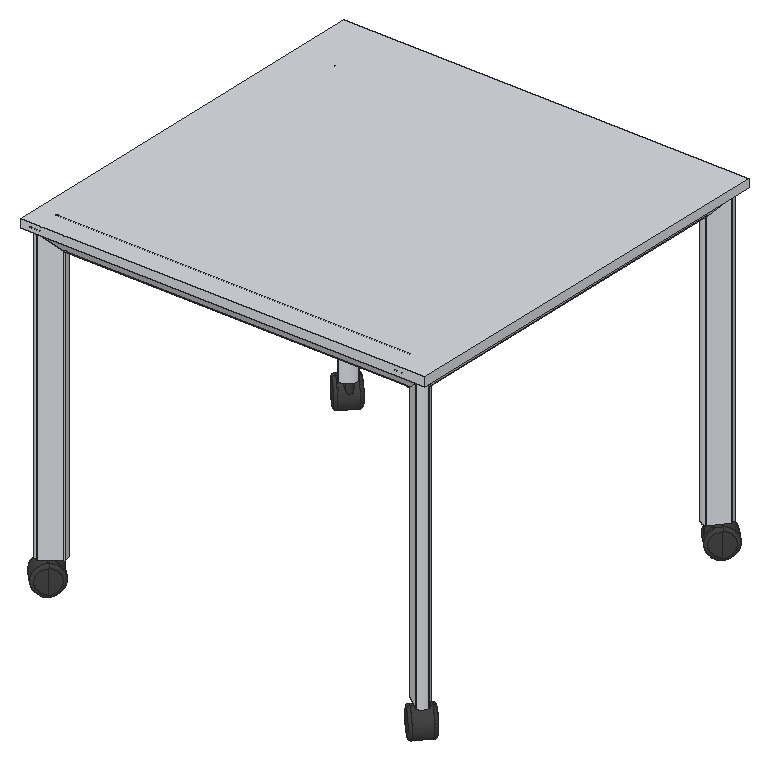
Revit family "Bernhardt_Design-Tables-Multipurpose-Intersection_mobile", category Furniture, Revit 2021 (continued)
Automatic sketch dimensions
  plane 10 "tabletop_length-ri_plane" to Extrusion 19 sketch curve = 0.05628"
  plane 6 "modesty_plane_right" to Extrusion 19 sketch curve = 1.73181"
  level to Extrusion 19 sketch curve = 26.93709"
  Extrusion 19 sketch curve to Extrusion 19 sketch curve = 2.41176"
  Extrusion 20 sketch curve to plane 7 "tabletop_width-upper_plane" = 0.1625"
  Extrusion 20 sketch curve to plane 11 "rail_top_plane" = 2.69638"
  level to Extrusion 20 sketch curve = 29.25437"
  Extrusion 20 sketch curve to Extrusion 20 sketch curve = 2.34382"
  plane 8 "tabletop_width-lower_plane" to Extrusion 21 sketch curve = 0.1625"
  Extrusion 21 sketch curve to plane 4 "modesty_position_plane" = 0.53562"
  level to Extrusion 21 sketch curve = 29.25437"
  Extrusion 21 sketch curve to Extrusion 21 sketch curve = 2.34382"
  Extrusion 22 sketch curve to plane 7 "tabletop_width-upper_plane" = 0.1625"
  Extrusion 22 sketch curve to plane 11 "rail_top_plane" = 2.69638"
  level to Extrusion 22 sketch curve = 26.91055"
  Extrusion 22 sketch curve to Extrusion 22 sketch curve = 2.34382"
  plane 9 "tabletop_length-left_plane" to Extrusion 23 sketch curve = 0.05628"
  plane 5 "modesty_plane_left" to Extrusion 23 sketch curve = 1.73181"
  level to Extrusion 23 sketch curve = 26.93709"
  Extrusion 23 sketch curve to Extrusion 23 sketch curve = 2.41176"
  plane 8 "tabletop_width-lower_plane" to Extrusion 24 sketch curve = 0.1625"
  Extrusion 24 sketch curve to plane 4 "modesty_position_plane" = 0.53562"
  level to Extrusion 24 sketch curve = 26.91055"
  Extrusion 24 sketch curve to Extrusion 24 sketch curve = 2.34382"
Nested families (in)
  nested 1: "caster" at (-15.7961, 15.82275, 0) x (-0.7016, -0.7126, 0) z (0, 0, 1), type "Casters"
  nested 2: "caster" at (-15.7961, -15.82275, 0) x (-0.7016, 0.7126, 0) z (0, 0, 1), type "Casters"
  nested 3: "caster" at (-57.7961, -18.82275, 0) x (-0.7016, 0.7126, 0) z (0, 0, 1), type "Casters", not visible
  nested 4: "caster" at (15.7961, -15.82275, 0) x (0.7016, 0.7126, 0) z (0, 0, 1), type "Casters"
  nested 5: "caster" at (15.7961, 15.82275, 0) x (0.7016, -0.7126, 0) z (0, 0, 1), type "Casters"
Definition of nested family "caster"
  Parameters (values of type "Casters")
    Default Elevation = 0.000"
    Casters = none
  Reference planes (in)
    plane 1 "Center Front/Back": y = 0
    plane 2: z = 0
    plane 3 "Center Left/Right": x = 0
  Forms (in)
    Revolve 1, solid, material <- "Casters"
      sketch origin (12.8704, -1.21366, 0) x (-1, 0, 0) y (0, 0, 1)
        loop
          line (11.7945, 1.248) -> (13.9546, 1.248) -> (13.91516, 2.29959)
          arc (13.91516, 2.29959) -> (13.83877, 2.47028) -> (13.66534, 2.54022) r 0.25
          line (13.66534, 2.54022) -> (12.08334, 2.54022)
          arc (12.08334, 2.54022) -> (11.90987, 2.47024) -> (11.83351, 2.29949) r 0.25
          line (11.83351, 2.29949) -> (11.7945, 1.248)
        axis (13.9546, 1.248) -> (11.7945, 1.248)
      angle from 0 to 360
    Extrusion 2, solid, material <- "Casters"
      sketch origin (7.56807, 10.05943, 0) x (-0.587785, -0.809017, 0) y (0.809017, -0.587785, 0)
        loop
          circle (12.8704, -0.00376) r 0.35073
      from 1.58234 to 3.17362
  Dimensions and locks (in)
    aligned and locked: level to plane 2
Types (66): name | Table Width | Table Width Half | Table Length Half | Table Length | SKU | Rail Width Half | Rail Length Half | Rail Length | Modesty Panel Visibility | Modesty Length Half | Catalog
  (no name) | 36.000" | 18.000" | 18.000" | 36.000" | "INS-MAA" | 17.512" | 17.512" | 35.024" | no | 13.125" | "INS-MAA"
  Intersection - MAA - 36x36 mobile | 36.000" | 18.000" | 18.000" | 36.000" | "INS-MAA" | 17.512" | 17.512" | 35.024" | no | 13.125" | "INS-MAA"
  Intersection - MBB - 42x42 mobile | 42.000" | 21.000" | 21.000" | 42.000" | "INS-MBB" | 20.512" | 20.512" | 41.024" | no | 16.125" | "INS-MBB"
  Intersection - MCC - 48x48 mobile | 48.000" | 24.000" | 24.000" | 48.000" | "INS-MCC" | 23.512" | 23.512" | 47.024" | no | 19.125" | "INS-MCC"
  Intersection - MDD - 54x54 mobile w/ modesty | 54.000" | 27.000" | 27.000" | 54.000" | "INS-MDD" | 26.512" | 26.512" | 53.024" | yes | 22.125" | "INS-MDD"
  Intersection - MDD - 54x54 mobile | 54.000" | 27.000" | 27.000" | 54.000" | "INS-MDD" | 26.512" | 26.512" | 53.024" | no | 22.125" | "INS-MDD"
  Intersection - MVC - 48x24 mobile | 24.000" | 12.000" | 24.000" | 48.000" | "INS-MVC" | 11.512" | 23.512" | 47.024" | no | 19.125" | "INS-MVC"
  Intersection - MVD - 54x24 mobile | 24.000" | 12.000" | 27.000" | 54.000" | "INS-MVD" | 11.512" | 26.512" | 53.024" | no | 22.125" | "INS-MVD"
  Intersection - MVD - 54x24 mobile w/ modesty | 24.000" | 12.000" | 27.000" | 54.000" | "INS-MVD" | 11.512" | 26.512" | 53.024" | yes | 22.125" | "INS-MVD"
  Intersection - MVE - 60x24 mobile | 24.000" | 12.000" | 30.000" | 60.000" | "INS-MVE" | 11.512" | 29.512" | 59.024" | no | 25.125" | "INS-MVE"
  Intersection - MVE - 60x24 mobile w/ modesty | 24.000" | 12.000" | 30.000" | 60.000" | "INS-MVE" | 11.512" | 29.512" | 59.024" | yes | 25.125" | "INS-MVE"
  Intersection - MVF - 66x24 mobile | 24.000" | 12.000" | 33.000" | 66.000" | "INS-MVF" | 11.512" | 32.512" | 65.024" | no | 28.125" | "INS-MVF"
  Intersection - MVF - 66x24 mobile w/ modesty | 24.000" | 12.000" | 33.000" | 66.000" | "INS-MVF" | 11.512" | 32.512" | 65.024" | yes | 28.125" | "INS-MVF"
  Intersection - MVG - 72x24 mobile | 24.000" | 12.000" | 36.000" | 72.000" | "INS-MVG" | 11.512" | 35.512" | 71.024" | no | 31.125" | "INS-MVG"
  Intersection - MVG - 72x24 mobile w/ modesty | 24.000" | 12.000" | 36.000" | 72.000" | "INS-MVG" | 11.512" | 35.512" | 71.024" | yes | 31.125" | "INS-MVG"
  Intersection - MVH - 78x24 mobile | 24.000" | 12.000" | 39.000" | 78.000" | "INS-MVH" | 11.512" | 38.512" | 77.024" | no | 34.125" | "INS-MVH"
  Intersection - MVH - 78x24 mobile w/ modesty | 24.000" | 12.000" | 39.000" | 78.000" | "INS-MVH" | 11.512" | 38.512" | 77.024" | yes | 34.125" | "INS-MVH"
  Intersection - MVI - 84x24 mobile | 24.000" | 12.000" | 42.000" | 84.000" | "INS-MVI" | 11.512" | 41.512" | 83.024" | no | 37.125" | "INS-MVI"
  Intersection - MVI - 84x24 mobile w/ modesty | 24.000" | 12.000" | 42.000" | 84.000" | "INS-MVI" | 11.512" | 41.512" | 83.024" | yes | 37.125" | "INS-MVI"
  Intersection - MVJ - 90x24 mobile | 24.000" | 12.000" | 45.000" | 90.000" | "INS-MVJ" | 11.512" | 44.512" | 89.024" | no | 40.125" | "INS-MVJ"
  Intersection - MOD - 54x30 mobile | 30.000" | 15.000" | 27.000" | 54.000" | "INS-MOD" | 14.512" | 26.512" | 53.024" | no | 22.125" | "INS-MOD"
  Intersection - MOD - 54x30 mobile w/ modesty | 30.000" | 15.000" | 27.000" | 54.000" | "INS-MOD" | 14.512" | 26.512" | 53.024" | yes | 22.125" | "INS-MOD"
  Intersection - MOE - 60x30 mobile | 30.000" | 15.000" | 30.000" | 60.000" | "INS-MOE" | 14.512" | 29.512" | 59.024" | no | 25.125" | "INS-MOE"
  Intersection - MOE - 60x30 mobile w/ modesty | 30.000" | 15.000" | 30.000" | 60.000" | "INS-MOE" | 14.512" | 29.512" | 59.024" | yes | 25.125" | "INS-MOE"
  Intersection - MOF - 66x30 mobile | 30.000" | 15.000" | 33.000" | 66.000" | "INS-MOF" | 14.512" | 32.512" | 65.024" | no | 28.125" | "INS-MOF"
  Intersection - MOF - 66x30 mobile w/ modesty | 30.000" | 15.000" | 33.000" | 66.000" | "INS-MOF" | 14.512" | 32.512" | 65.024" | yes | 28.125" | "INS-MOF"
  Intersection - MOG - 72x30 mobile | 30.000" | 15.000" | 36.000" | 72.000" | "INS-MOG" | 14.512" | 35.512" | 71.024" | no | 31.125" | "INS-MOG"
  Intersection - MOG - 72x30 mobile w/ modesty | 30.000" | 15.000" | 36.000" | 72.000" | "INS-MOG" | 14.512" | 35.512" | 71.024" | yes | 31.125" | "INS-MOG"
  Intersection - MOH - 78x30 mobile | 30.000" | 15.000" | 39.000" | 78.000" | "INS-MOH" | 14.512" | 38.512" | 77.024" | no | 34.125" | "INS-MOH"
  Intersection - MOH - 78x30 mobile w/ modesty | 30.000" | 15.000" | 39.000" | 78.000" | "INS-MOH" | 14.512" | 38.512" | 77.024" | yes | 34.125" | "INS-MOH"
  Intersection - MOI - 84x30 mobile | 30.000" | 15.000" | 42.000" | 84.000" | "INS-MOI" | 14.512" | 41.512" | 83.024" | no | 37.125" | "INS-MOI"
  Intersection - MOI - 84x30 mobile w/ modesty | 30.000" | 15.000" | 42.000" | 84.000" | "INS-MOI" | 14.512" | 41.512" | 83.024" | yes | 37.125" | "INS-MOI"
  Intersection - MOJ - 90x30 mobile | 30.000" | 15.000" | 45.000" | 90.000" | "INS-MOJ" | 14.512" | 44.512" | 89.024" | no | 40.125" | "INS-MOJ"
  Intersection - MAE - 60x36 mobile | 36.000" | 18.000" | 30.000" | 60.000" | "INS-MAE" | 17.512" | 29.512" | 59.024" | no | 25.125" | "INS-MAE"
  Intersection - MAE - 60x36 mobile w/ modesty | 36.000" | 18.000" | 30.000" | 60.000" | "INS-MAE" | 17.512" | 29.512" | 59.024" | yes | 25.125" | "INS-MAE"
  Intersection - MAF - 66x36 mobile | 36.000" | 18.000" | 33.000" | 66.000" | "INS-MAF" | 17.512" | 32.512" | 65.024" | no | 28.125" | "INS-MAF"
  Intersection - MAF - 66x36 mobile w/ modesty | 36.000" | 18.000" | 33.000" | 66.000" | "INS-MAF" | 17.512" | 32.512" | 65.024" | yes | 28.125" | "INS-MAF"
  Intersection - MAG - 72x36 mobile | 36.000" | 18.000" | 36.000" | 72.000" | "INS-MAG" | 17.512" | 35.512" | 71.024" | no | 31.125" | "INS-MAG"
  Intersection - MAG - 72x36 mobile w/ modesty | 36.000" | 18.000" | 36.000" | 72.000" | "INS-MAG" | 17.512" | 35.512" | 71.024" | yes | 31.125" | "INS-MAG"
  Intersection - MAH - 78x36 mobile | 36.000" | 18.000" | 39.000" | 78.000" | "INS-MAH" | 17.512" | 38.512" | 77.024" | no | 34.125" | "INS-MAH"
  Intersection - MAH - 78x36 mobile w/ modesty | 36.000" | 18.000" | 39.000" | 78.000" | "INS-MAH" | 17.512" | 38.512" | 77.024" | yes | 34.125" | "INS-MAH"
  Intersection - MAI - 84x36 mobile | 36.000" | 18.000" | 42.000" | 84.000" | "INS-MAI" | 17.512" | 41.512" | 83.024" | no | 37.125" | "INS-MAI"
  Intersection - MAI - 84x36 mobile w/ modesty | 36.000" | 18.000" | 42.000" | 84.000" | "INS-MAI" | 17.512" | 41.512" | 83.024" | yes | 37.125" | "INS-MAI"
  Intersection - MAJ -90x36 mobile | 36.000" | 18.000" | 45.000" | 90.000" | "INS-MAJ" | 17.512" | 44.512" | 89.024" | no | 40.125" | "INS-MAJ"
  Intersection - MBE - 60x42 mobile | 42.000" | 21.000" | 30.000" | 60.000" | "INS-MBE" | 20.512" | 29.512" | 59.024" | no | 25.125" | "INS-MBE"
  Intersection - MBE - 60x42 mobile w/ modesty | 42.000" | 21.000" | 30.000" | 60.000" | "INS-MBE" | 20.512" | 29.512" | 59.024" | yes | 25.125" | "INS-MBE"
  Intersection - MBF - 66x42 mobile | 42.000" | 21.000" | 33.000" | 66.000" | "INS-MBF" | 20.512" | 32.512" | 65.024" | no | 28.125" | "INS-MBF"
  Intersection - MBF - 66x42 mobile w/ modesty | 42.000" | 21.000" | 33.000" | 66.000" | "INS-MBF" | 20.512" | 32.512" | 65.024" | yes | 28.125" | "INS-MBF"
  Intersection - MBG - 72x42 mobile | 42.000" | 21.000" | 36.000" | 72.000" | "INS-MBG" | 20.512" | 35.512" | 71.024" | no | 31.125" | "INS-MBG"
  Intersection - MBG - 72x42 mobile w/ modesty | 42.000" | 21.000" | 36.000" | 72.000" | "INS-MBG" | 20.512" | 35.512" | 71.024" | yes | 31.125" | "INS-MBG"
  Intersection - MBH - 78x42 mobile | 42.000" | 21.000" | 39.000" | 78.000" | "INS-MBH" | 20.512" | 38.512" | 77.024" | no | 34.125" | "INS-MBH"
  Intersection - MBH - 78x42 mobile w/ modesty | 42.000" | 21.000" | 39.000" | 78.000" | "INS-MBH" | 20.512" | 38.512" | 77.024" | yes | 34.125" | "INS-MBH"
  Intersection - MBI - 84x42 mobile | 42.000" | 21.000" | 42.000" | 84.000" | "INS-MBI" | 20.512" | 41.512" | 83.024" | no | 37.125" | "INS-MBI"
  Intersection - MBI - 84x42 mobile w/ modesty | 42.000" | 21.000" | 42.000" | 84.000" | "INS-MBI" | 20.512" | 41.512" | 83.024" | yes | 37.125" | "INS-MBI"
  Intersection - MBJ - 90x42 mobile | 42.000" | 21.000" | 45.000" | 90.000" | "INS-MBJ" | 20.512" | 44.512" | 89.024" | no | 40.125" | "INS-MBJ"
  Intersection - MCE - 60x48 mobile | 48.000" | 24.000" | 30.000" | 60.000" | "INS-MCE" | 23.512" | 29.512" | 59.024" | no | 25.125" | "INS-MCE"
  Intersection - MCE - 60x48 mobile w/ modesty | 48.000" | 24.000" | 30.000" | 60.000" | "INS-MCE" | 23.512" | 29.512" | 59.024" | yes | 25.125" | "INS-MCE"
  Intersection - MCF - 66x48 mobile | 48.000" | 24.000" | 33.000" | 66.000" | "INS-MCF" | 23.512" | 32.512" | 65.024" | no | 28.125" | "INS-MCF"
  Intersection - MCF - 66x48 mobile w/ modesty | 48.000" | 24.000" | 33.000" | 66.000" | "INS-MCF" | 23.512" | 32.512" | 65.024" | yes | 28.125" | "INS-MCF"
  Intersection - MCG - 72x48 mobile | 48.000" | 24.000" | 36.000" | 72.000" | "INS-MCG" | 23.512" | 35.512" | 71.024" | no | 31.125" | "INS-MCG"
  Intersection - MCG - 72x48 mobile w/ modesty | 48.000" | 24.000" | 36.000" | 72.000" | "INS-MCG" | 23.512" | 35.512" | 71.024" | yes | 31.125" | "INS-MCG"
  Intersection - MCH - 78x48 mobile | 48.000" | 24.000" | 39.000" | 78.000" | "INS-MCH" | 23.512" | 38.512" | 77.024" | no | 34.125" | "INS-MCH"
  Intersection - MCH - 78x48 mobile w/ modesty | 48.000" | 24.000" | 39.000" | 78.000" | "INS-MCH" | 23.512" | 38.512" | 77.024" | yes | 34.125" | "INS-MCH"
  Intersection - MCI - 84x48 mobile | 48.000" | 24.000" | 42.000" | 84.000" | "INS-MCI" | 23.512" | 41.512" | 83.024" | no | 37.125" | "INS-MCI"
  Intersection - MCI - 84x48 mobile w/ modesty | 48.000" | 24.000" | 42.000" | 84.000" | "INS-MCI" | 23.512" | 41.512" | 83.024" | yes | 37.125" | "INS-MCI"
  Intersection - MCJ - 90x48 mobile | 48.000" | 24.000" | 45.000" | 90.000" | "INS-MCJ" | 23.512" | 44.512" | 89.024" | no | 40.125" | "INS-MCJ"
